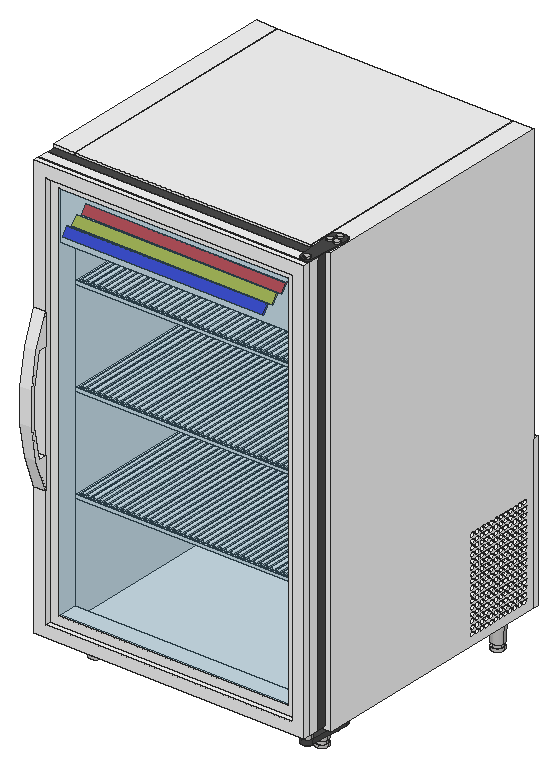
Revit family "QF_TRUE_GDM-07F-HC~TSL01", category Specialty Equipment, Revit 2016
Family settings
  Part Type = Normal
  Round Connector Dimension = Use Diameter
  Work Plane-Based = No
  Always vertical = Yes
  Cut with Voids When Loaded = No
  Shared = No
  Room Calculation Point = No
Parameters
  Weight in Pounds = 195
  Watts = Volts * FL Amps  # 333.5 W
  Volts = 115 V
  URL Cutsheet = ""
  Specification by User = ""
  Specification by Manufacturer = ""
  Show Clearance [instance] = yes
  Serial Number = ""
  Seismic Rating = ""
  SMACNA No = ""
  Revision Code = ""
  Phase = 1
  Number of Poles = 1
  NAFEM Spec ID Number = ""
  Model = "GDM-07F-HC~TSL01"
  Min Ckt Ampacity = 0 A
  Max Overcurrent Protection = 0 A
  Materials and Finishes [instance] = QF_Plastic - White - Smooth
  Masterspec = ""
  Manufacturer = "TRUE"
  Length = 24 1/32"
  Item Number = ""
  Installed By = ""
  Identify Quantity as Lot = yes
  Height = 39 25/32"
  HP = "1/4"
  Furnished By = ""
  Foodservice Equipment Identifier = yes
  FL Amps = 2.9 A
  Electrical Remarks = ""
  Electric Connection Type = ""
  Elec Conn RI Height = 0"
  Elec Conn Connection Height = 0"
  Description = "SWING DOOR FREEZER WITH HYDROCARBON REFRIGERANT-TRUE STANDARD LOOK VERSION 01"
  Depth = 26 19/32"
  Cycle = 60 Hz
  Conn Plug = "NEMA 5-15P"
  Conn Conduit = yes
  CSI MasterFormat = ""
  Apparent Power = 0 VA
Reference planes (in)
  plane 1 "BACK": y = 0
  plane 2: z = 0
  plane 3 "LEFT": x = 0
  plane 4 "RIGHT": x = 24.03125
  plane 5 "FRONT": y = -26.59375
  plane 6 "TOP": z = 39.78125
  plane 7 "Center Y": x = 12.01563
  plane 8 "Center X": y = -13.29687
  plane 9: z = 5.54687
  plane 10: z = 5.79687
  plane 11: y = -0.46875
  plane 12: y = -25
  plane 13: y = -47.28125
  plane 14: z = 2.5
  plane 15: z = 3
  plane 16: y = -22.4375
  plane 17: x = 1.1875
  plane 18: x = 2.18734
  plane 19: x = 22.84375
  plane 20: x = 21.84391
Forms (in)
  Extrusion 1, solid, material "QF_Plastic - White - Smooth" <- "Materials and Finishes"
    sketch origin (0.03125, -25, 56.91604) x (0, 0, 1) y (1, 0, 0)
      loop
        line (-17.13479, 0.25) -> (-17.13479, 23.71875) -> (-53.91604, 23.71875) -> (-53.91604, 0.25) -> (-17.13479, 0.25)
      loop
        line (-52.91604, 1.25) -> (-18.13479, 1.25) -> (-18.13479, 22.71875) -> (-52.91604, 22.71875) -> (-52.91604, 1.25)
    from 0 to 0.5
  Extrusion 2, solid, material "QF_Plastic - White - Smooth" <- "Materials and Finishes"
    sketch origin (0.03125, -25, 56.91604) x (0, 0, 1) y (1, 0, 0)
      loop
        line (-18.13479, 1.25) -> (-18.13479, 22.71875) -> (-52.91604, 22.71875) -> (-52.91604, 1.25) -> (-18.13479, 1.25)
      loop
        line (-18.88479, 2) -> (-18.88479, 21.96875) -> (-52.16604, 21.96875) -> (-52.16604, 2) -> (-18.88479, 2)
    from 2.25251 to 0.5
  Extrusion 3, solid, material "QF_Plastic - White - Smooth" <- "Materials and Finishes"
    sketch origin (0.03125, -25, 56.91604) x (0, 0, 1) y (1, 0, 0)
      loop
        line (-17.13479, 0.25) -> (-17.13479, 23.71875) -> (-53.91604, 23.71875) -> (-53.91604, 0.25) -> (-17.13479, 0.25)
      loop
        line (-52.91604, 1.25) -> (-18.13479, 1.25) -> (-18.13479, 22.71875) -> (-52.91604, 22.71875) -> (-52.91604, 1.25)
    from 1.50251 to 0.5
  Extrusion 4, solid, material "QF_Plastic-Black-Smooth"
    sketch origin (0.03125, -25, 56.91604) x (0, 0, 1) y (1, 0, 0)
      loop
        line (-17.13479, 0.25) -> (-17.13479, 23.71875) -> (-53.91604, 23.71875) -> (-53.91604, 0.25) -> (-17.13479, 0.25)
      loop
        line (-52.91604, 1.25) -> (-18.13479, 1.25) -> (-18.13479, 22.71875) -> (-52.91604, 22.71875) -> (-52.91604, 1.25)
    from 1.50251 to 2.25251
  Extrusion 5, solid, material "QF_Plastic-Black-Smooth"
    sketch origin (0.03125, -25, 56.91604) x (0, 0, 1) y (1, 0, 0)
      loop
        line (-18.13479, 1.25) -> (-18.13479, 22.71875) -> (-52.91604, 22.71875) -> (-52.91604, 1.25) -> (-18.13479, 1.25)
      loop
        line (-18.25979, 1.375) -> (-18.25979, 22.59375) -> (-52.79104, 22.59375) -> (-52.79104, 1.375) -> (-18.25979, 1.375)
    from 2.25251 to 2.5625
  Extrusion 6, solid, material "QF_Plastic - White - Smooth" <- "Materials and Finishes"
    sketch origin (20.40625, -71.30616, 39.78125) x (0, 1, 0) y (-1, 0, 0)
      loop
        line (70.83741, -1.84375) -> (70.83741, 18.625) -> (48.86866, 18.625) -> (48.86866, -1.84375) -> (70.83741, -1.84375)
    from 0 to -1
  Extrusion 7, solid, material "QF_Plastic - White - Smooth" <- "Materials and Finishes"
    sketch origin (0.03125, 1.375, 4.29687) x (0, 1, 0) y (0, 0, 1)
      loop
        line (-1.84375, 34.48438) -> (-3.5, 34.48438) -> (-3.5, -0.79687) -> (-23.8125, -0.79687) -> (-23.8125, -1.79687) -> (-1.84375, -1.79687) -> (-1.84375, 34.48438)
    from 1.75 to 22.21875
  Extrusion 8, solid, material "Glass"
    sketch origin (0.03125, -24.5, 56.91604) x (0, 0, -1) y (1, 0, 0)
      loop
        line (52.16604, 2) -> (52.16604, 21.96875) -> (18.88479, 21.96875) -> (18.88479, 2) -> (52.16604, 2)
    from 0 to -0.125
  Extrusion 9, solid, material "QF_Plastic - White - Smooth"
    sketch origin (1.03125, -22.375, -39.59375) x (-1, 0, 0) y (0, 0, 1)
      loop
        line (-1, 77.625) -> (-20.96875, 77.625) -> (-20.96875, 73.375) -> (-1, 73.375) -> (-1, 77.625)
    from -0.37249 to -2
  Extrusion 10, solid, material "QF_Plastic-Yellow"
    sketch origin (1.03125, -24.375, -38.34375) x (1, 0, 0) y (0, 0, 1)
      loop
        line (2.10165, 73.75) -> (19.5, 73.75) -> (19.88386, 74.75) -> (2.48552, 74.75) -> (2.10165, 73.75)
    from 0 to 0.03125
  Extrusion 11, solid, material "QF_Plastic-Red"
    sketch origin (1.03125, -24.375, -39.34375) x (1, 0, 0) y (0, 0, 1)
      loop
        line (3.30123, 76.875) -> (2.91736, 75.875) -> (20.29973, 75.875) -> (20.68359, 76.875) -> (3.30123, 76.875)
    from 0 to 0.03125
  Extrusion 12, solid, material "QF_Plastic-Blue"
    sketch origin (1.03125, -24.375, -37.34375) x (1, 0, 0) y (0, 0, 1)
      loop
        line (1.28594, 71.625) -> (18.67864, 71.625) -> (19.0625, 72.625) -> (1.66981, 72.625) -> (1.28594, 71.625)
    from 0 to 0.03125
  Extrusion 13, solid, material "QF_Door-Drawer Clearances", visible <- "Show Clearance", detail levels coarse
    sketch origin (0.03125, 1.375, 4.29687) x (1, 0, 0) y (0, 1, 0)
      loop
        arc (0.25, -26.375) -> (7.54543, -42.19115) -> (23.71875, -48.65625) r 23.52804
        line (23.71875, -48.65625) -> (23.71875, -26.375) -> (0.25, -26.375)
    from -1.29687 to 35.48438
  Extrusion 14, solid, material "QF_Plastic - White - Smooth" <- "Materials and Finishes"
    sketch origin (0.03125, 1.375, 4.29687) x (0, 1, 0) y (0, 0, 1)
      loop
        arc (-26.375, 24.08582) -> (-27.96875, 17.09363) -> (-26.375, 10.10144) r 16.13513
        line (-26.375, 10.10144) -> (-26.375, 12.85144) -> (-27.14183, 12.85144)
        arc (-27.14183, 12.85144) -> (-27.71875, 17.09363) -> (-27.14183, 21.33582) r 15.88513
        line (-27.14183, 21.33582) -> (-26.375, 21.33582) -> (-26.375, 24.08582)
    from 0.25 to 1.25
  Extrusion 15, solid, material "QF_Plastic - White - Smooth" <- "Materials and Finishes"
    sketch origin (24, 1.375, 4.29687) x (0, -1, 0) y (0, 0, -1)
      loop
        line (1.84375, -35.48438) -> (23.8125, -35.48438) -> (23.8125, 1.79687) -> (1.84375, 1.79687) -> (1.84375, -35.48438)
      loop
        circle (8.48125, -6.85428) r 0.25
      loop
        circle (7.96562, -6.85428) r 0.25
      loop
        circle (7.45, -6.85428) r 0.25
      loop
        circle (6.93437, -6.85428) r 0.25
      loop
        circle (6.41875, -6.85428) r 0.25
      loop
        circle (5.90312, -6.85428) r 0.25
      loop
        circle (5.3875, -6.85428) r 0.25
      loop
        circle (4.87187, -6.85428) r 0.25
      loop
        circle (4.35625, -6.85428) r 0.25
      loop
        circle (3.84062, -6.85428) r 0.25
      loop
        circle (3.325, -6.85428) r 0.25
      loop
        circle (2.80937, -6.85428) r 0.25
      loop
        circle (8.48125, -6.33865) r 0.25
      loop
        circle (7.96562, -6.33865) r 0.25
      loop
        circle (7.45, -6.33865) r 0.25
      loop
        circle (6.93437, -6.33865) r 0.25
      loop
        circle (6.41875, -6.33865) r 0.25
      loop
        circle (5.90312, -6.33865) r 0.25
      loop
        circle (5.3875, -6.33865) r 0.25
      loop
        circle (4.87187, -6.33865) r 0.25
      loop
        circle (4.35625, -6.33865) r 0.25
      loop
        circle (3.84062, -6.33865) r 0.25
      loop
        circle (3.325, -6.33865) r 0.25
      loop
        circle (2.80937, -6.33865) r 0.25
      loop
        circle (8.48125, -5.82303) r 0.25
      loop
        circle (7.96562, -5.82303) r 0.25
      loop
        circle (7.45, -5.82303) r 0.25
      loop
        circle (6.93437, -5.82303) r 0.25
      loop
        circle (6.41875, -5.82303) r 0.25
      loop
        circle (5.90312, -5.82303) r 0.25
      loop
        circle (5.3875, -5.82303) r 0.25
      loop
        circle (4.87187, -5.82303) r 0.25
      loop
        circle (4.35625, -5.82303) r 0.25
      loop
        circle (3.84062, -5.82303) r 0.25
      loop
        circle (3.325, -5.82303) r 0.25
      loop
        circle (2.80937, -5.82303) r 0.25
      loop
        circle (8.48125, -5.3074) r 0.25
      loop
        circle (7.96562, -5.3074) r 0.25
      loop
        circle (7.45, -5.3074) r 0.25
      loop
        circle (6.93437, -5.3074) r 0.25
      loop
        circle (6.41875, -5.3074) r 0.25
      loop
        circle (5.90312, -5.3074) r 0.25
      loop
        circle (5.3875, -5.3074) r 0.25
      loop
        circle (4.87187, -5.3074) r 0.25
      loop
        circle (4.35625, -5.3074) r 0.25
      loop
        circle (3.84062, -5.3074) r 0.25
      loop
        circle (3.325, -5.3074) r 0.25
      loop
        circle (2.80937, -5.3074) r 0.25
      loop
        circle (8.48125, -4.79178) r 0.25
      loop
        circle (7.96562, -4.79178) r 0.25
      loop
        circle (7.45, -4.79178) r 0.25
      loop
        circle (6.93437, -4.79178) r 0.25
      loop
        circle (6.41875, -4.79178) r 0.25
      loop
        circle (5.90312, -4.79178) r 0.25
      loop
        circle (5.3875, -4.79178) r 0.25
      loop
        circle (4.87187, -4.79178) r 0.25
      loop
        circle (4.35625, -4.79178) r 0.25
      loop
        circle (3.84062, -4.79178) r 0.25
      loop
        circle (3.325, -4.79178) r 0.25
      loop
        circle (2.80937, -4.79178) r 0.25
      loop
        circle (8.48125, -4.27615) r 0.25
      loop
        circle (7.96562, -4.27615) r 0.25
      loop
        circle (7.45, -4.27615) r 0.25
      loop
        circle (6.93437, -4.27615) r 0.25
      loop
        circle (6.41875, -4.27615) r 0.25
      loop
        circle (5.90312, -4.27615) r 0.25
      loop
        circle (5.3875, -4.27615) r 0.25
      loop
        circle (4.87187, -4.27615) r 0.25
      loop
        circle (4.35625, -4.27615) r 0.25
      loop
        circle (3.84062, -4.27615) r 0.25
      loop
        circle (3.325, -4.27615) r 0.25
      loop
        circle (2.80937, -4.27615) r 0.25
      loop
        circle (8.48125, -3.76053) r 0.25
      loop
        circle (7.96562, -3.76053) r 0.25
      loop
        circle (7.45, -3.76053) r 0.25
      loop
        circle (6.93437, -3.76053) r 0.25
      loop
        circle (6.41875, -3.76053) r 0.25
      loop
        circle (5.90312, -3.76053) r 0.25
      loop
        circle (5.3875, -3.76053) r 0.25
      loop
        circle (4.87187, -3.76053) r 0.25
      loop
        circle (4.35625, -3.76053) r 0.25
      loop
        circle (3.84062, -3.76053) r 0.25
      loop
        circle (3.325, -3.76053) r 0.25
      loop
        circle (2.80937, -3.76053) r 0.25
      loop
        circle (8.48125, -3.2449) r 0.25
      loop
        circle (7.96562, -3.2449) r 0.25
      loop
        circle (7.45, -3.2449) r 0.25
      loop
        circle (6.93437, -3.2449) r 0.25
      loop
        circle (6.41875, -3.2449) r 0.25
      loop
        circle (5.90312, -3.2449) r 0.25
      loop
        circle (5.3875, -3.2449) r 0.25
      loop
        circle (4.87187, -3.2449) r 0.25
      loop
        circle (4.35625, -3.2449) r 0.25
      loop
        circle (3.84062, -3.2449) r 0.25
      loop
        circle (3.325, -3.2449) r 0.25
      loop
        circle (2.80937, -3.2449) r 0.25
      loop
        circle (8.48125, -2.72928) r 0.25
      loop
        circle (7.96562, -2.72928) r 0.25
      loop
        circle (7.45, -2.72928) r 0.25
      loop
        circle (6.93437, -2.72928) r 0.25
      loop
        circle (6.41875, -2.72928) r 0.25
      loop
        circle (5.90312, -2.72928) r 0.25
      loop
        circle (5.3875, -2.72928) r 0.25
      loop
        circle (4.87187, -2.72928) r 0.25
      loop
        circle (4.35625, -2.72928) r 0.25
      loop
        circle (3.84062, -2.72928) r 0.25
      loop
        circle (3.325, -2.72928) r 0.25
      loop
        circle (2.80937, -2.72928) r 0.25
      loop
        circle (8.48125, -2.21365) r 0.25
      loop
        circle (7.96562, -2.21365) r 0.25
      loop
        circle (7.45, -2.21365) r 0.25
      loop
        circle (6.93437, -2.21365) r 0.25
      loop
        circle (6.41875, -2.21365) r 0.25
      loop
        circle (5.90312, -2.21365) r 0.25
      loop
        circle (5.3875, -2.21365) r 0.25
      loop
        circle (4.87187, -2.21365) r 0.25
      loop
        circle (4.35625, -2.21365) r 0.25
      loop
        circle (3.84062, -2.21365) r 0.25
      loop
        circle (3.325, -2.21365) r 0.25
      loop
        circle (2.80937, -2.21365) r 0.25
      loop
        circle (8.48125, -1.69803) r 0.25
      loop
        circle (7.96562, -1.69803) r 0.25
      loop
        circle (7.45, -1.69803) r 0.25
      loop
        circle (6.93437, -1.69803) r 0.25
      loop
        circle (6.41875, -1.69803) r 0.25
      loop
        circle (5.90312, -1.69803) r 0.25
      loop
        circle (5.3875, -1.69803) r 0.25
      loop
        circle (4.87187, -1.69803) r 0.25
      loop
        circle (4.35625, -1.69803) r 0.25
      loop
        circle (3.84062, -1.69803) r 0.25
      loop
        circle (3.325, -1.69803) r 0.25
      loop
        circle (2.80937, -1.69803) r 0.25
      loop
        circle (8.48125, -1.1824) r 0.25
      loop
        circle (7.96562, -1.1824) r 0.25
      loop
        circle (7.45, -1.1824) r 0.25
      loop
        circle (6.93437, -1.1824) r 0.25
      loop
        circle (6.41875, -1.1824) r 0.25
      loop
        circle (5.90312, -1.1824) r 0.25
      loop
        circle (5.3875, -1.1824) r 0.25
      loop
        circle (4.87187, -1.1824) r 0.25
      loop
        circle (4.35625, -1.1824) r 0.25
      loop
        circle (3.84062, -1.1824) r 0.25
      loop
        circle (3.325, -1.1824) r 0.25
      loop
        circle (2.80937, -1.1824) r 0.25
      loop
        circle (8.48125, -0.66678) r 0.25
      loop
        circle (7.96562, -0.66678) r 0.25
      loop
        circle (7.45, -0.66678) r 0.25
      loop
        circle (6.93437, -0.66678) r 0.25
      loop
        circle (6.41875, -0.66678) r 0.25
      loop
        circle (5.90312, -0.66678) r 0.25
      loop
        circle (5.3875, -0.66678) r 0.25
      loop
        circle (4.87187, -0.66678) r 0.25
      loop
        circle (4.35625, -0.66678) r 0.25
      loop
        circle (3.84062, -0.66678) r 0.25
      loop
        circle (3.325, -0.66678) r 0.25
      loop
        circle (2.80937, -0.66678) r 0.25
      loop
        circle (8.48125, -0.15115) r 0.25
      loop
        circle (7.96562, -0.15115) r 0.25
      loop
        circle (7.45, -0.15115) r 0.25
      loop
        circle (6.93437, -0.15115) r 0.25
      loop
        circle (6.41875, -0.15115) r 0.25
      loop
        circle (5.90312, -0.15115) r 0.25
      loop
        circle (5.3875, -0.15115) r 0.25
      loop
        circle (4.87187, -0.15115) r 0.25
      loop
        circle (4.35625, -0.15115) r 0.25
      loop
        circle (3.84062, -0.15115) r 0.25
      loop
        circle (3.325, -0.15115) r 0.25
      loop
        circle (2.80937, -0.15115) r 0.25
      loop
        circle (8.48125, 0.36447) r 0.25
      loop
        circle (7.96562, 0.36447) r 0.25
      loop
        circle (7.45, 0.36447) r 0.25
      loop
        circle (6.93437, 0.36447) r 0.25
      loop
        circle (6.41875, 0.36447) r 0.25
      loop
        circle (5.90312, 0.36447) r 0.25
      loop
        circle (5.3875, 0.36447) r 0.25
      loop
        circle (4.87187, 0.36447) r 0.25
      loop
        circle (4.35625, 0.36447) r 0.25
      loop
        circle (3.84062, 0.36447) r 0.25
      loop
        circle (3.325, 0.36447) r 0.25
      loop
        circle (2.80937, 0.36447) r 0.25
      loop
        circle (8.48125, 0.8801) r 0.25
      loop
        circle (7.96562, 0.8801) r 0.25
      loop
        circle (7.45, 0.8801) r 0.25
      loop
        circle (6.93437, 0.8801) r 0.25
      loop
        circle (6.41875, 0.8801) r 0.25
      loop
        circle (5.90312, 0.8801) r 0.25
      loop
        circle (5.3875, 0.8801) r 0.25
      loop
        circle (4.87187, 0.8801) r 0.25
      loop
        circle (4.35625, 0.8801) r 0.25
      loop
        circle (3.84062, 0.8801) r 0.25
      loop
        circle (3.325, 0.8801) r 0.25
      loop
        circle (2.80937, 0.8801) r 0.25
    from 0.03125 to -1.75
  Extrusion 16, solid, material "QF_Plastic-Black-Smooth"
    sketch origin (3.56688, 1.375, 4.29687) x (1, 0, 0) y (0, 1, 0)
      loop
        arc (19.40165, -21.39984) -> (19.03744, -21.55726) -> (18.90258, -21.93042) r 0.5
        line (18.90258, -21.93042) -> (19.11273, -25.35979)
        arc (19.11273, -25.35979) -> (19.6118, -25.82921) -> (20.11086, -25.35979) r 0.5
        line (20.11086, -25.35979) -> (20.32101, -21.93042)
        arc (20.32101, -21.93042) -> (20.18615, -21.55726) -> (19.82195, -21.39984) r 0.5
        line (19.82195, -21.39984) -> (19.40165, -21.39984)
    from 35.48438 to 35.56944
  Extrusion 17, solid, material "QF_Metal - Stainless - Polished"
    sketch origin (3.56688, 1.375, 4.29687) x (1, 0, 0) y (0, 1, 0)
      loop
        circle (19.6118, -21.78078) r 0.25
      loop
        circle (19.30218, -22.51019) r 0.25
      loop
        circle (19.92141, -22.51019) r 0.25
      loop
        circle (19.6118, -25.35979) r 0.25
    from 35.48438 to 35.64063
  Extrusion 18, solid, material "QF_Plastic - White - Smooth" <- "Materials and Finishes"
    sketch origin (0.03125, 1.375, 4.29687) x (0, -1, 0) y (0, 0, 1)
      loop
        line (1.84375, 35.48438) -> (1.84375, -1.79687) -> (23.8125, -1.79687) -> (23.8125, 35.48438) -> (1.84375, 35.48438)
      loop
        circle (8.48125, 6.85428) r 0.25
      loop
        circle (7.96562, 6.85428) r 0.25
      loop
        circle (7.45, 6.85428) r 0.25
      loop
        circle (6.93437, 6.85428) r 0.25
      loop
        circle (6.41875, 6.85428) r 0.25
      loop
        circle (5.90312, 6.85428) r 0.25
      loop
        circle (5.3875, 6.85428) r 0.25
      loop
        circle (4.87187, 6.85428) r 0.25
      loop
        circle (4.35625, 6.85428) r 0.25
      loop
        circle (3.84062, 6.85428) r 0.25
      loop
        circle (3.325, 6.85428) r 0.25
      loop
        circle (2.80937, 6.85428) r 0.25
      loop
        circle (8.48125, 6.33865) r 0.25
      loop
        circle (7.96562, 6.33865) r 0.25
      loop
        circle (7.45, 6.33865) r 0.25
      loop
        circle (6.93437, 6.33865) r 0.25
      loop
        circle (6.41875, 6.33865) r 0.25
      loop
        circle (5.90312, 6.33865) r 0.25
      loop
        circle (5.3875, 6.33865) r 0.25
      loop
        circle (4.87187, 6.33865) r 0.25
      loop
        circle (4.35625, 6.33865) r 0.25
      loop
        circle (3.84062, 6.33865) r 0.25
      loop
        circle (3.325, 6.33865) r 0.25
      loop
        circle (2.80937, 6.33865) r 0.25
      loop
        circle (8.48125, 5.82303) r 0.25
      loop
        circle (7.96562, 5.82303) r 0.25
      loop
        circle (7.45, 5.82303) r 0.25
      loop
        circle (6.93437, 5.82303) r 0.25
      loop
        circle (6.41875, 5.82303) r 0.25
      loop
        circle (5.90312, 5.82303) r 0.25
      loop
        circle (5.3875, 5.82303) r 0.25
      loop
        circle (4.87187, 5.82303) r 0.25
      loop
        circle (4.35625, 5.82303) r 0.25
      loop
        circle (3.84062, 5.82303) r 0.25
      loop
        circle (3.325, 5.82303) r 0.25
      loop
        circle (2.80937, 5.82303) r 0.25
      loop
        circle (8.48125, 5.3074) r 0.25
      loop
        circle (7.96562, 5.3074) r 0.25
      loop
        circle (7.45, 5.3074) r 0.25
      loop
        circle (6.93437, 5.3074) r 0.25
      loop
        circle (6.41875, 5.3074) r 0.25
      loop
        circle (5.90312, 5.3074) r 0.25
      loop
        circle (5.3875, 5.3074) r 0.25
      loop
        circle (4.87187, 5.3074) r 0.25
      loop
        circle (4.35625, 5.3074) r 0.25
      loop
        circle (3.84062, 5.3074) r 0.25
      loop
        circle (3.325, 5.3074) r 0.25
      loop
        circle (2.80937, 5.3074) r 0.25
      loop
        circle (8.48125, 4.79178) r 0.25
      loop
        circle (7.96562, 4.79178) r 0.25
      loop
        circle (7.45, 4.79178) r 0.25
      loop
        circle (6.93437, 4.79178) r 0.25
      loop
        circle (6.41875, 4.79178) r 0.25
      loop
        circle (5.90312, 4.79178) r 0.25
      loop
        circle (5.3875, 4.79178) r 0.25
      loop
        circle (4.87187, 4.79178) r 0.25
      loop
        circle (4.35625, 4.79178) r 0.25
      loop
        circle (3.84062, 4.79178) r 0.25
      loop
        circle (3.325, 4.79178) r 0.25
      loop
        circle (2.80937, 4.79178) r 0.25
      loop
        circle (8.48125, 4.27615) r 0.25
      loop
        circle (7.96562, 4.27615) r 0.25
      loop
        circle (7.45, 4.27615) r 0.25
      loop
        circle (6.93437, 4.27615) r 0.25
      loop
        circle (6.41875, 4.27615) r 0.25
      loop
        circle (5.90312, 4.27615) r 0.25
      loop
        circle (5.3875, 4.27615) r 0.25
      loop
        circle (4.87187, 4.27615) r 0.25
      loop
        circle (4.35625, 4.27615) r 0.25
      loop
        circle (3.84062, 4.27615) r 0.25
      loop
        circle (3.325, 4.27615) r 0.25
      loop
        circle (2.80937, 4.27615) r 0.25
      loop
        circle (8.48125, 3.76053) r 0.25
      loop
        circle (7.96562, 3.76053) r 0.25
      loop
        circle (7.45, 3.76053) r 0.25
      loop
        circle (6.93437, 3.76053) r 0.25
      loop
        circle (6.41875, 3.76053) r 0.25
      loop
        circle (5.90312, 3.76053) r 0.25
      loop
        circle (5.3875, 3.76053) r 0.25
      loop
        circle (4.87187, 3.76053) r 0.25
      loop
        circle (4.35625, 3.76053) r 0.25
      loop
        circle (3.84062, 3.76053) r 0.25
      loop
        circle (3.325, 3.76053) r 0.25
      loop
        circle (2.80937, 3.76053) r 0.25
      loop
        circle (8.48125, 3.2449) r 0.25
      loop
        circle (7.96562, 3.2449) r 0.25
      loop
        circle (7.45, 3.2449) r 0.25
      loop
        circle (6.93437, 3.2449) r 0.25
      loop
        circle (6.41875, 3.2449) r 0.25
      loop
        circle (5.90312, 3.2449) r 0.25
      loop
        circle (5.3875, 3.2449) r 0.25
      loop
        circle (4.87187, 3.2449) r 0.25
      loop
        circle (4.35625, 3.2449) r 0.25
      loop
        circle (3.84062, 3.2449) r 0.25
      loop
        circle (3.325, 3.2449) r 0.25
      loop
        circle (2.80937, 3.2449) r 0.25
      loop
        circle (8.48125, 2.72928) r 0.25
      loop
        circle (7.96562, 2.72928) r 0.25
      loop
        circle (7.45, 2.72928) r 0.25
      loop
        circle (6.93437, 2.72928) r 0.25
      loop
        circle (6.41875, 2.72928) r 0.25
      loop
        circle (5.90312, 2.72928) r 0.25
      loop
        circle (5.3875, 2.72928) r 0.25
      loop
        circle (4.87187, 2.72928) r 0.25
      loop
        circle (4.35625, 2.72928) r 0.25
      loop
        circle (3.84062, 2.72928) r 0.25
      loop
        circle (3.325, 2.72928) r 0.25
      loop
        circle (2.80937, 2.72928) r 0.25
      loop
        circle (8.48125, 2.21365) r 0.25
      loop
        circle (7.96562, 2.21365) r 0.25
      loop
        circle (7.45, 2.21365) r 0.25
      loop
        circle (6.93437, 2.21365) r 0.25
      loop
        circle (6.41875, 2.21365) r 0.25
      loop
        circle (5.90312, 2.21365) r 0.25
      loop
        circle (5.3875, 2.21365) r 0.25
      loop
        circle (4.87187, 2.21365) r 0.25
      loop
        circle (4.35625, 2.21365) r 0.25
      loop
        circle (3.84062, 2.21365) r 0.25
      loop
        circle (3.325, 2.21365) r 0.25
      loop
        circle (2.80937, 2.21365) r 0.25
      loop
        circle (8.48125, 1.69803) r 0.25
      loop
        circle (7.96562, 1.69803) r 0.25
      loop
        circle (7.45, 1.69803) r 0.25
      loop
        circle (6.93437, 1.69803) r 0.25
      loop
        circle (6.41875, 1.69803) r 0.25
      loop
        circle (5.90312, 1.69803) r 0.25
      loop
        circle (5.3875, 1.69803) r 0.25
      loop
        circle (4.87187, 1.69803) r 0.25
      loop
        circle (4.35625, 1.69803) r 0.25
      loop
        circle (3.84062, 1.69803) r 0.25
      loop
        circle (3.325, 1.69803) r 0.25
      loop
        circle (2.80937, 1.69803) r 0.25
      loop
        circle (8.48125, 1.1824) r 0.25
      loop
        circle (7.96562, 1.1824) r 0.25
      loop
        circle (7.45, 1.1824) r 0.25
      loop
        circle (6.93437, 1.1824) r 0.25
      loop
        circle (6.41875, 1.1824) r 0.25
      loop
        circle (5.90312, 1.1824) r 0.25
      loop
        circle (5.3875, 1.1824) r 0.25
      loop
        circle (4.87187, 1.1824) r 0.25
      loop
        circle (4.35625, 1.1824) r 0.25
      loop
        circle (3.84062, 1.1824) r 0.25
      loop
        circle (3.325, 1.1824) r 0.25
      loop
        circle (2.80937, 1.1824) r 0.25
      loop
        circle (8.48125, 0.66678) r 0.25
      loop
        circle (7.96562, 0.66678) r 0.25
      loop
        circle (7.45, 0.66678) r 0.25
      loop
        circle (6.93437, 0.66678) r 0.25
      loop
        circle (6.41875, 0.66678) r 0.25
      loop
        circle (5.90312, 0.66678) r 0.25
      loop
        circle (5.3875, 0.66678) r 0.25
      loop
        circle (4.87187, 0.66678) r 0.25
      loop
        circle (4.35625, 0.66678) r 0.25
      loop
        circle (3.84062, 0.66678) r 0.25
      loop
        circle (3.325, 0.66678) r 0.25
      loop
        circle (2.80937, 0.66678) r 0.25
      loop
        circle (8.48125, 0.15115) r 0.25
      loop
        circle (7.96562, 0.15115) r 0.25
      loop
        circle (7.45, 0.15115) r 0.25
      loop
        circle (6.93437, 0.15115) r 0.25
      loop
        circle (6.41875, 0.15115) r 0.25
      loop
        circle (5.90312, 0.15115) r 0.25
      loop
        circle (5.3875, 0.15115) r 0.25
      loop
        circle (4.87187, 0.15115) r 0.25
      loop
        circle (4.35625, 0.15115) r 0.25
      loop
        circle (3.84062, 0.15115) r 0.25
      loop
        circle (3.325, 0.15115) r 0.25
      loop
        circle (2.80937, 0.15115) r 0.25
      loop
        circle (8.48125, -0.36447) r 0.25
      loop
        circle (7.96562, -0.36447) r 0.25
      loop
        circle (7.45, -0.36447) r 0.25
      loop
        circle (6.93437, -0.36447) r 0.25
      loop
        circle (6.41875, -0.36447) r 0.25
      loop
        circle (5.90312, -0.36447) r 0.25
      loop
        circle (5.3875, -0.36447) r 0.25
      loop
        circle (4.87187, -0.36447) r 0.25
      loop
        circle (4.35625, -0.36447) r 0.25
      loop
        circle (3.84062, -0.36447) r 0.25
      loop
        circle (3.325, -0.36447) r 0.25
      loop
        circle (2.80937, -0.36447) r 0.25
      loop
        circle (8.48125, -0.8801) r 0.25
      loop
        circle (7.96562, -0.8801) r 0.25
      loop
        circle (7.45, -0.8801) r 0.25
      loop
        circle (6.93437, -0.8801) r 0.25
      loop
        circle (6.41875, -0.8801) r 0.25
      loop
        circle (5.90312, -0.8801) r 0.25
      loop
        circle (5.3875, -0.8801) r 0.25
      loop
        circle (4.87187, -0.8801) r 0.25
      loop
        circle (4.35625, -0.8801) r 0.25
      loop
        circle (3.84062, -0.8801) r 0.25
      loop
        circle (3.325, -0.8801) r 0.25
      loop
        circle (2.80937, -0.8801) r 0.25
    from 0.03125 to -1.75
  Extrusion 19, solid, material "QF_Plastic - Black - Smooth"
    sketch origin (3.56688, 1.375, 38.23438) x (0, -1, 0) y (1, 0, 0)
      loop
        arc (21.39984, 19.40165) -> (21.55726, 19.03744) -> (21.93042, 18.90258) r 0.5
        line (21.93042, 18.90258) -> (25.35979, 19.11273)
        arc (25.35979, 19.11273) -> (25.82921, 19.6118) -> (25.35979, 20.11086) r 0.5
        line (25.35979, 20.11086) -> (21.93042, 20.32101)
        arc (21.93042, 20.32101) -> (21.55726, 20.18615) -> (21.39984, 19.82195) r 0.5
        line (21.39984, 19.82195) -> (21.39984, 19.40165)
    from -36.10938 to -35.73438
  Extrusion 20, solid, material "QF_Metal - Stainless - Polished"
    sketch origin (3.56688, 1.375, 1.5) x (1, 0, 0) y (0, 1, 0)
      loop
        circle (19.6118, -21.78078) r 0.25
      loop
        circle (19.30218, -22.51019) r 0.25
      loop
        circle (19.92141, -22.51019) r 0.25
    from 0.5 to 1
  Extrusion 21, solid, material "QF_Metal - Stainless - Polished"
    sketch origin (3.625, 1.375, 1.5) x (1, 0, 0) y (0, 1, 0)
      loop
        circle (19.6118, -25.35979) r 0.33744
    from 0.5 to 1.5
  Revolve 22, solid, material "QF_Metal - Stainless - Polished"
    sketch origin (-1.0625, -2.84375, 1.71875) x (1, 0, 0) y (0, 0, 1)
      loop
        line (1.71875, -1.71875) -> (2.25, -1.71875) -> (2.25, 0.78125) -> (1.61726, 0.78125) -> (1.71875, -1.15529) -> (1.87178, -1.15529) -> (1.87178, -1.50805) -> (1.71875, -1.50805) -> (1.71875, -1.71875)
      axis (2.25, 0.78125) -> (2.25, -1.71875)
    angle from 0 to 360
  Extrusion 23, solid, material "QF_Plastic - White - Smooth" <- "Materials and Finishes"
    sketch origin (0.03125, 1.375, 1.5) x (0, 1, 0) y (0, 0, 1)
      loop
        line (-1.99424, 1) -> (-8.49424, 1) -> (-8.49424, 0.38992) -> (-1.99424, 0.38992) -> (-1.99424, 1)
    from 4.06234 to 19.90641
  Extrusion 24, solid, material "QF_Plastic - White - Smooth"
    sketch origin (-6.9261, -178.625, 29.58575) x (-1, 0, 0) y (0, -1, 0)
      loop
        line (-8.70735, -176.5) -> (-8.70735, -156.1875) -> (-29.1761, -156.1875) -> (-29.1761, -176.5) -> (-8.70735, -176.5)
      loop
        line (-8.95735, -176.25) -> (-8.95735, -156.375) -> (-28.9261, -156.375) -> (-28.9261, -176.25) -> (-8.95735, -176.25)
    from 0 to 0.25
  Extrusion 25, solid, material "QF_Plastic - White - Smooth"
    sketch origin (0.03125, 1.375, 3.10137) x (1, 0, 0) y (0, 0, 1)
      loop
        circle (10.23437, 26.73438) r 0.125
      loop
        circle (9.73437, 26.73438) r 0.125
      loop
        circle (9.23437, 26.73438) r 0.125
      loop
        circle (8.73437, 26.73438) r 0.125
      loop
        circle (8.23437, 26.73438) r 0.125
      loop
        circle (7.73437, 26.73438) r 0.125
      loop
        circle (7.23437, 26.73438) r 0.125
      loop
        circle (6.73437, 26.73438) r 0.125
      loop
        circle (6.23437, 26.73438) r 0.125
      loop
        circle (5.73437, 26.73438) r 0.125
      loop
        circle (5.23437, 26.73438) r 0.125
      loop
        circle (4.73437, 26.73438) r 0.125
      loop
        circle (4.23437, 26.73438) r 0.125
      loop
        circle (3.73437, 26.73438) r 0.125
      loop
        circle (3.23437, 26.73438) r 0.125
      loop
        circle (2.73437, 26.73438) r 0.125
      loop
        circle (2.23437, 26.73438) r 0.125
      loop
        circle (10.73437, 26.73438) r 0.125
      loop
        circle (11.23437, 26.73438) r 0.125
      loop
        circle (11.73437, 26.73438) r 0.125
      loop
        circle (13.73438, 26.73438) r 0.125
      loop
        circle (14.23438, 26.73438) r 0.125
      loop
        circle (14.73438, 26.73438) r 0.125
      loop
        circle (15.23438, 26.73438) r 0.125
      loop
        circle (15.73438, 26.73438) r 0.125
      loop
        circle (16.23438, 26.73438) r 0.125
      loop
        circle (16.73438, 26.73438) r 0.125
      loop
        circle (17.23438, 26.73438) r 0.125
      loop
        circle (17.73438, 26.73438) r 0.125
      loop
        circle (18.23438, 26.73438) r 0.125
      loop
        circle (18.73438, 26.73438) r 0.125
      loop
        circle (19.23438, 26.73438) r 0.125
      loop
        circle (19.73438, 26.73438) r 0.125
      loop
        circle (20.23438, 26.73438) r 0.125
      loop
        circle (20.73438, 26.73438) r 0.125
      loop
        circle (21.23438, 26.73438) r 0.125
      loop
        circle (21.73438, 26.73438) r 0.125
      loop
        circle (13.23438, 26.73438) r 0.125
      loop
        circle (12.73438, 26.73438) r 0.125
      loop
        circle (12.23438, 26.73438) r 0.125
    from 3.5 to 23.625
  Extrusion 26, solid, material "QF_Plastic - White - Smooth"
    sketch origin (-6.9261, -178.625, 21.2655) x (-1, 0, 0) y (0, -1, 0)
      loop
        line (-8.70735, -176.5) -> (-8.70735, -156.1875) -> (-29.1761, -156.1875) -> (-29.1761, -176.5) -> (-8.70735, -176.5)
      loop
        line (-8.95735, -176.25) -> (-8.95735, -156.375) -> (-28.9261, -156.375) -> (-28.9261, -176.25) -> (-8.95735, -176.25)
    from 0 to 0.25
  Extrusion 27, solid, material "QF_Plastic - White - Smooth"
    sketch origin (0.03125, 1.375, -5.21888) x (1, 0, 0) y (0, 0, 1)
      loop
        circle (10.23437, 26.73438) r 0.125
      loop
        circle (9.73437, 26.73438) r 0.125
      loop
        circle (9.23437, 26.73438) r 0.125
      loop
        circle (8.73437, 26.73438) r 0.125
      loop
        circle (8.23437, 26.73438) r 0.125
      loop
        circle (7.73437, 26.73438) r 0.125
      loop
        circle (7.23437, 26.73438) r 0.125
      loop
        circle (6.73437, 26.73438) r 0.125
      loop
        circle (6.23437, 26.73438) r 0.125
      loop
        circle (5.73437, 26.73438) r 0.125
      loop
        circle (5.23437, 26.73438) r 0.125
      loop
        circle (4.73437, 26.73438) r 0.125
      loop
        circle (4.23437, 26.73438) r 0.125
      loop
        circle (3.73437, 26.73438) r 0.125
      loop
        circle (3.23437, 26.73438) r 0.125
      loop
        circle (2.73437, 26.73438) r 0.125
      loop
        circle (2.23437, 26.73438) r 0.125
      loop
        circle (10.73437, 26.73438) r 0.125
      loop
        circle (11.23437, 26.73438) r 0.125
      loop
        circle (11.73437, 26.73438) r 0.125
      loop
        circle (13.73438, 26.73438) r 0.125
      loop
        circle (14.23438, 26.73438) r 0.125
      loop
        circle (14.73438, 26.73438) r 0.125
      loop
        circle (15.23438, 26.73438) r 0.125
      loop
        circle (15.73438, 26.73438) r 0.125
      loop
        circle (16.23438, 26.73438) r 0.125
      loop
        circle (16.73438, 26.73438) r 0.125
      loop
        circle (17.23438, 26.73438) r 0.125
      loop
        circle (17.73438, 26.73438) r 0.125
      loop
        circle (18.23438, 26.73438) r 0.125
      loop
        circle (18.73438, 26.73438) r 0.125
      loop
        circle (19.23438, 26.73438) r 0.125
      loop
        circle (19.73438, 26.73438) r 0.125
      loop
        circle (20.23438, 26.73438) r 0.125
      loop
        circle (20.73438, 26.73438) r 0.125
      loop
        circle (21.23438, 26.73438) r 0.125
      loop
        circle (21.73438, 26.73438) r 0.125
      loop
        circle (13.23438, 26.73438) r 0.125
      loop
        circle (12.73438, 26.73438) r 0.125
      loop
        circle (12.23438, 26.73438) r 0.125
    from 3.5 to 23.625
  Extrusion 28, solid, material "QF_Plastic - White - Smooth"
    sketch origin (-6.9261, -178.625, 12.94525) x (-1, 0, 0) y (0, -1, 0)
      loop
        line (-8.70735, -176.5) -> (-8.70735, -156.1875) -> (-29.1761, -156.1875) -> (-29.1761, -176.5) -> (-8.70735, -176.5)
      loop
        line (-8.95735, -176.25) -> (-8.95735, -156.375) -> (-28.9261, -156.375) -> (-28.9261, -176.25) -> (-8.95735, -176.25)
    from 0 to 0.25
  Extrusion 29, solid, material "QF_Plastic - White - Smooth"
    sketch origin (0.03125, 1.375, -13.53913) x (1, 0, 0) y (0, 0, 1)
      loop
        circle (10.23437, 26.73438) r 0.125
      loop
        circle (9.73437, 26.73438) r 0.125
      loop
        circle (9.23437, 26.73438) r 0.125
      loop
        circle (8.73437, 26.73438) r 0.125
      loop
        circle (8.23437, 26.73438) r 0.125
      loop
        circle (7.73437, 26.73438) r 0.125
      loop
        circle (7.23437, 26.73438) r 0.125
      loop
        circle (6.73437, 26.73438) r 0.125
      loop
        circle (6.23437, 26.73438) r 0.125
      loop
        circle (5.73437, 26.73438) r 0.125
      loop
        circle (5.23437, 26.73438) r 0.125
      loop
        circle (4.73437, 26.73438) r 0.125
      loop
        circle (4.23437, 26.73438) r 0.125
      loop
        circle (3.73437, 26.73438) r 0.125
      loop
        circle (3.23437, 26.73438) r 0.125
      loop
        circle (2.73437, 26.73438) r 0.125
      loop
        circle (2.23437, 26.73438) r 0.125
      loop
        circle (10.73437, 26.73438) r 0.125
      loop
        circle (11.23437, 26.73438) r 0.125
      loop
        circle (11.73437, 26.73438) r 0.125
      loop
        circle (13.73438, 26.73438) r 0.125
      loop
        circle (14.23438, 26.73438) r 0.125
      loop
        circle (14.73438, 26.73438) r 0.125
      loop
        circle (15.23438, 26.73438) r 0.125
      loop
        circle (15.73438, 26.73438) r 0.125
      loop
        circle (16.23438, 26.73438) r 0.125
      loop
        circle (16.73438, 26.73438) r 0.125
      loop
        circle (17.23438, 26.73438) r 0.125
      loop
        circle (17.73438, 26.73438) r 0.125
      loop
        circle (18.23438, 26.73438) r 0.125
      loop
        circle (18.73438, 26.73438) r 0.125
      loop
        circle (19.23438, 26.73438) r 0.125
      loop
        circle (19.73438, 26.73438) r 0.125
      loop
        circle (20.23438, 26.73438) r 0.125
      loop
        circle (20.73438, 26.73438) r 0.125
      loop
        circle (21.23438, 26.73438) r 0.125
      loop
        circle (21.73438, 26.73438) r 0.125
      loop
        circle (13.23438, 26.73438) r 0.125
      loop
        circle (12.73438, 26.73438) r 0.125
      loop
        circle (12.23438, 26.73438) r 0.125
    from 3.5 to 23.625
  Extrusion 30, solid, material "QF_Plastic - White - Smooth" <- "Materials and Finishes"
    sketch origin (0, 0, 0) x (0, 1, 0) y (0, 0, 1)
      loop
        line (-0.46875, 2.5) -> (0, 2.5) -> (0, 15.69022) -> (-0.46875, 15.69022) -> (-0.46875, 2.5)
    from 0 to 24.03125
  Revolve 31, solid, material "QF_Metal - Stainless - Polished"
    sketch origin (-0.06266, -20.6875, 1.71875) x (1, 0, 0) y (0, 0, 1)
      loop
        line (1.71875, -1.71875) -> (2.25, -1.71875) -> (2.25, 0.78125) -> (1.61726, 0.78125) -> (1.71875, -1.15529) -> (1.87178, -1.15529) -> (1.87178, -1.50805) -> (1.71875, -1.50805) -> (1.71875, -1.71875)
      axis (2.25, 0.78125) -> (2.25, -1.71875)
    angle from 0 to 360
  Revolve 32, solid, material "QF_Metal - Stainless - Polished"
    sketch origin (25.09375, -2.84375, 1.71875) x (-1, 0, 0) y (0, 0, -1)
      loop
        line (1.71875, 1.71875) -> (1.71875, 1.50805) -> (1.87178, 1.50805) -> (1.87178, 1.15529) -> (1.71875, 1.15529) -> (1.61726, -0.78125) -> (2.25, -0.78125) -> (2.25, 1.71875) -> (1.71875, 1.71875)
      axis (2.25, -0.78125) -> (2.25, 1.71875)
    angle from 0 to 360
  Revolve 33, solid, material "QF_Metal - Stainless - Polished"
    sketch origin (24.09391, -20.6875, 1.71875) x (-1, 0, 0) y (0, 0, -1)
      loop
        line (1.71875, 1.71875) -> (1.71875, 1.50805) -> (1.87178, 1.50805) -> (1.87178, 1.15529) -> (1.71875, 1.15529) -> (1.61726, -0.78125) -> (2.25, -0.78125) -> (2.25, 1.71875) -> (1.71875, 1.71875)
      axis (2.25, -0.78125) -> (2.25, 1.71875)
    angle from 0 to 360
  Extrusion 34, solid, material "QF_Plastic - White - Smooth" <- "Materials and Finishes"
    sketch origin (0, 0, 0) x (1, 0, 0) y (0, 0, 1)
      loop
        circle (12.01562, 9.09511) r 0.25
    from 0 to -0.125
Lines and regions (in)
  symbolic lines
    curve 1: line (0, -22.4375, 0) -> (22.5848, -22.4375, 0)
    curve 2: line (0, 0, 0) -> (0, -22.4375, 0)
    curve 3: line (24.03125, 0, 0) -> (0, 0, 0)
    curve 4: line (24.03125, -22.4375, 0) -> (24.03125, 0, 0)
    curve 5: line (24.03125, -0.46875, 0) -> (0, -0.46875, 0)
    curve 6: line (1.78125, -22.4375, 0) -> (1.78125, -0.46875, 0)
    curve 7: line (22.25, -0.46875, 0) -> (22.25, -22.4375, 0)
    curve 8: line (22.46947, -20.55542, 0) -> (22.67962, -23.98479, 0)
    curve 9: arc (22.67962, -23.98479, 0) -> (23.17868, -24.45421, 0) -> (23.67775, -23.98479, 0) r 0.5
    curve 10: line (23.67775, -23.98479, 0) -> (23.8879, -20.55542, 0)
    curve 11: arc (23.8879, -20.55542, 0) -> (23.75304, -20.18226, 0) -> (23.38883, -20.02484, 0) r 0.5
    curve 12: line (23.38883, -20.02484, 0) -> (22.96853, -20.02484, 0)
    curve 13: arc (22.96853, -20.02484, 0) -> (22.60432, -20.18226, 0) -> (22.46947, -20.55542, 0) r 0.5
    curve 14: arc (23.42868, -23.98479, 0) -> (23.17868, -23.73479, 0) -> (22.92868, -23.98479, 0) r 0.25
    curve 15: arc (22.92868, -23.98479, 0) -> (23.17868, -24.23479, 0) -> (23.42868, -23.98479, 0) r 0.25
    curve 16: arc (22.61907, -21.13519, 0) -> (22.86907, -21.38519, 0) -> (23.11907, -21.13519, 0) r 0.25
    curve 17: arc (23.11907, -21.13519, 0) -> (22.86907, -20.88519, 0) -> (22.61907, -21.13519, 0) r 0.25
    curve 18: arc (23.2383, -21.13519, 0) -> (23.4883, -21.38519, 0) -> (23.7383, -21.13519, 0) r 0.25
    curve 19: arc (23.7383, -21.13519, 0) -> (23.4883, -20.88519, 0) -> (23.2383, -21.13519, 0) r 0.25
    curve 20: arc (22.92868, -20.40578, 0) -> (23.17868, -20.65578, 0) -> (23.42868, -20.40578, 0) r 0.25
    curve 21: arc (23.42868, -20.40578, 0) -> (23.17868, -20.15578, 0) -> (22.92868, -20.40578, 0) r 0.25
    curve 22: line (23.77256, -22.4375, 0) -> (24.03125, -22.4375, 0)
    curve 23: line (0.28125, -22.74749, 0) -> (22.6038, -22.74749, 0)
    curve 24: line (0.28125, -22.74749, 0) -> (0.28125, -26.59375, 0)
    curve 25: line (0.28125, -25, 0) -> (23.75, -25, 0)
    curve 26: line (23.75, -25, 0) -> (23.75, -22.80571, 0)
    curve 27: line (0.28125, -24.5, 0) -> (23.75, -24.5, 0)
    curve 28: line (0.28125, -23.49749, 0) -> (22.64976, -23.49749, 0)
    curve 29: line (1.28125, -22.74749, 0) -> (1.28125, -22.4375, 0)
    curve 32: line (1.28125, -26.59375, 0) -> (1.28125, -25, 0)
    curve 33: line (1.28125, -26.59375, 0) -> (0.28125, -26.59375, 0)
  symbolic lines, style "QF_Door-Drawer Clearances"
    curve 30: line (23.75, -25, 0) -> (3.95461, -36.42887, 0)
    curve 31: arc (0.28125, -25, 0) -> (1.37675, -30.95266, 0) -> (3.95461, -36.42887, 0) r 23.52804
Dimensions and locks (in)
  equal spacing: plane 3 "LEFT", plane 7 "Center Y", plane 4 "RIGHT"
  "Length": plane 3 "LEFT" to plane 4 "RIGHT"
  equal spacing: plane 5 "FRONT", plane 8 "Center X", plane 1 "BACK"
  "Depth": plane 5 "FRONT" to plane 1 "BACK"
  "Height": plane 6 "TOP" to level
  plane 4 "RIGHT" to plane 3 "LEFT" = 24 1/32"
  plane 11 to plane 1 "BACK" = 15/32"
  plane 12 to plane 11 = 24 17/32"
  plane 5 "FRONT" to plane 12 = 1 19/32"
  level to plane 14 = 2 1/2"
  plane 11 to plane 13 = 46 13/16"
  plane 16 to plane 13 = 24 27/32"
  Extrusion 17 to plane 6 "TOP" to level = 5/32", 39 25/32"
  plane 5 "FRONT" to plane 1 "BACK" = 26 19/32"
  equal spacing: Extrusion 30, Extrusion 34 sketch curve, Extrusion 7
  aligned and locked: level to plane 2
Automatic sketch dimensions
  Extrusion 1 sketch curve to plane 15 = 0"
  Extrusion 1 sketch curve to plane 6 "TOP" = 0"
  Extrusion 1 sketch curve to plane 15 = 1"
  Extrusion 1 sketch curve to plane 6 "TOP" = 1"
  plane 3 "LEFT" to Extrusion 1 sketch curve = 9/32"
  plane 3 "LEFT" to Extrusion 1 sketch curve = 1 9/32"
  plane 4 "RIGHT" to Extrusion 1 sketch curve = 1 9/32"
  plane 4 "RIGHT" to Extrusion 1 sketch curve = 9/32"
  plane 4 "RIGHT" to Extrusion 2 sketch curve = 1 9/32"
  level to Extrusion 2 sketch curve = 4"
  Extrusion 2 sketch curve to Extrusion 2 sketch curve = 3/4"  (x3)
  Extrusion 2 sketch curve to plane 6 "TOP" = 1 3/4"
  Extrusion 2 sketch curve to plane 6 "TOP" = 1"
  plane 3 "LEFT" to Extrusion 2 sketch curve = 2 1/32"
  Extrusion 3 sketch curve to plane 6 "TOP" = 0"
  Extrusion 3 sketch curve to plane 6 "TOP" = 1"
  Extrusion 3 sketch curve to plane 9 = 1 35/64"
  plane 4 "RIGHT" to Extrusion 3 sketch curve = 9/32"
  Extrusion 3 sketch curve to Extrusion 3 sketch curve = 1"
  plane 4 "RIGHT" to Extrusion 3 sketch curve = 1 9/32"
  plane 3 "LEFT" to Extrusion 3 sketch curve = 1 9/32"
  plane 3 "LEFT" to Extrusion 3 sketch curve = 9/32"
  Extrusion 4 sketch curve to plane 6 "TOP" = 0"
  Extrusion 4 sketch curve to plane 6 "TOP" = 1"
  plane 3 "LEFT" to Extrusion 4 sketch curve = 1 9/32"
  level to Extrusion 4 sketch curve = 4"
  plane 4 "RIGHT" to Extrusion 4 sketch curve = 9/32"
  Extrusion 4 sketch curve to Extrusion 4 sketch curve = 1"
  plane 3 "LEFT" to Extrusion 4 sketch curve = 9/32"
  plane 4 "RIGHT" to Extrusion 4 sketch curve = 1 9/32"
  plane 3 "LEFT" to Extrusion 5 sketch curve = 1 9/32"
  level to Extrusion 5 sketch curve = 4"
  Extrusion 5 sketch curve to Extrusion 5 sketch curve = 1/8"  (x4)
  Extrusion 5 sketch curve to plane 6 "TOP" = 1 1/8"
  plane 4 "RIGHT" to Extrusion 5 sketch curve = 1 13/32"
  Extrusion 6 sketch curve to plane 16 = 0"
  Extrusion 6 sketch curve to plane 11 = 0"
  plane 4 "RIGHT" to Extrusion 6 sketch curve = 1 25/32"
  plane 3 "LEFT" to Extrusion 6 sketch curve = 1 25/32"
  Extrusion 7 sketch curve to plane 16 = 0"
  Extrusion 7 sketch curve to plane 11 = 0"
  Extrusion 7 sketch curve to plane 11 = 1 21/32"
  level to Extrusion 7 sketch curve = 2 1/2"
  Extrusion 7 sketch curve to Extrusion 7 sketch curve = 1"
  Extrusion 7 sketch curve to plane 6 "TOP" = 1"
  Extrusion 8 sketch curve to Extrusion 2 = 0"  (x3)
  Extrusion 2 to Extrusion 8 sketch curve = 0"
  plane 4 "RIGHT" to Extrusion 9 sketch curve = 2 1/32"
  plane 3 "LEFT" to Extrusion 9 sketch curve = 2 1/32"
  Extrusion 9 sketch curve to plane 6 "TOP" = 6"
  Extrusion 9 sketch curve to plane 6 "TOP" = 1 3/4"
  Extrusion 10 sketch curve to Extrusion 9 = 1.10165"
  Extrusion 10 sketch curve to Extrusion 10 sketch curve = 0.38386"  (x2)
  Extrusion 10 sketch curve to Extrusion 9 = 1 15/32"
  Extrusion 10 sketch curve to Extrusion 9 = 1 5/8"
  Extrusion 10 sketch curve to Extrusion 10 sketch curve = 1"
  Extrusion 11 sketch curve to Extrusion 9 = 1.91736"
  Extrusion 11 sketch curve to Extrusion 9 = 1/2"
  Extrusion 11 sketch curve to Extrusion 11 sketch curve = 0.38386"
  Extrusion 11 sketch curve to Extrusion 9 = 0.66902"
  Extrusion 11 sketch curve to Extrusion 9 = 73/256"
  Extrusion 11 sketch curve to Extrusion 11 sketch curve = 1"
  Extrusion 12 sketch curve to Extrusion 9 = 0.28594"
  Extrusion 12 sketch curve to Extrusion 9 = 0.66981"
  Extrusion 12 sketch curve to Extrusion 9 = 1/2"
  Extrusion 12 sketch curve to Extrusion 9 = 2.29011"
  Extrusion 12 sketch curve to Extrusion 12 sketch curve = 0.38386"
  Extrusion 12 sketch curve to Extrusion 12 sketch curve = 1"
  Extrusion 13 sketch curve to plane 12 = 0"
  Extrusion 13 sketch curve to plane 13 = 0"
  plane 3 "LEFT" to Extrusion 13 sketch curve = 9/32"
  plane 4 "RIGHT" to Extrusion 13 sketch curve = 9/32"
  plane 4 "RIGHT" to Extrusion 13 sketch curve = 0.25502"
  Extrusion 14 sketch curve to Extrusion 14 sketch curve = 0"  (x2)
  Extrusion 14 sketch curve to plane 12 = 0"  (x2)
  Extrusion 14 sketch curve to plane 12 = 0.76683"
  Extrusion 14 sketch curve to Extrusion 14 sketch curve = 0.76683"
  plane 8 "Center X" to Extrusion 14 sketch curve = 2.83826"
  level to Extrusion 14 sketch curve = 14.39831"
  Extrusion 14 sketch curve to Extrusion 14 sketch curve = 2 3/4"
  Extrusion 14 sketch curve to Extrusion 14 sketch curve = 4 31/128"
  Extrusion 15 sketch curve to plane 11 = 0"
  Extrusion 15 sketch curve to plane 16 = 0"
  Extrusion 15 sketch curve to plane 6 "TOP" = 0"
  Extrusion 15 sketch curve to plane 11 = 0.96562"
  Extrusion 15 sketch curve to Extrusion 15 sketch curve = 0"  (x131)
  Extrusion 15 sketch curve to Extrusion 15 sketch curve = 33/64"  (x251)
  level to Extrusion 15 sketch curve = 11.15115"
  Extrusion 15 sketch curve to Extrusion 15 sketch curve = 0.91678"
  plane 4 "RIGHT" to Extrusion 16 sketch curve = 1.56178"
  plane 4 "RIGHT" to Extrusion 16 sketch curve = 1.35163"
  Extrusion 16 sketch curve to Extrusion 16 sketch curve = 0.49906"  (x2)
  Extrusion 16 sketch curve to Extrusion 16 sketch curve = 0.4203"
  plane 4 "RIGHT" to Extrusion 16 sketch curve = 0.3535"
  plane 4 "RIGHT" to Extrusion 16 sketch curve = 0.14335"
  plane 12 to Extrusion 16 sketch curve = 1.01521"
  Extrusion 16 sketch curve to Extrusion 16 sketch curve = 0.03058"  (x2)
  plane 16 to Extrusion 16 sketch curve = 1.88208"
  Extrusion 16 sketch curve to Extrusion 16 sketch curve = 0"
  plane 4 "RIGHT" to Extrusion 17 sketch curve = 1.16218"
  plane 4 "RIGHT" to Extrusion 17 sketch curve = 0.85257"
  Extrusion 17 sketch curve to Extrusion 17 sketch curve = 0.30962"
  plane 4 "RIGHT" to Extrusion 17 sketch curve = 139/256"
  plane 12 to Extrusion 17 sketch curve = 1.01521"
  plane 16 to Extrusion 17 sketch curve = 1.30231"
  Extrusion 17 sketch curve to Extrusion 17 sketch curve = 0"
  Extrusion 17 sketch curve to Extrusion 17 sketch curve = 0.72941"
  Extrusion 18 sketch curve to plane 11 = 0"
  Extrusion 18 sketch curve to plane 16 = 0"
  Extrusion 18 sketch curve to plane 6 "TOP" = 0"
  Extrusion 18 sketch curve to plane 11 = 0.96562"
  Extrusion 18 sketch curve to Extrusion 18 sketch curve = 0"  (x143)
  Extrusion 18 sketch curve to Extrusion 18 sketch curve = 33/64"  (x239)
  level to Extrusion 18 sketch curve = 11.15115"
  Extrusion 18 sketch curve to Extrusion 18 sketch curve = 0.91678"
  plane 4 "RIGHT" to Extrusion 19 sketch curve = 0.64242"
  plane 16 to Extrusion 19 sketch curve = 2.41266"
  Extrusion 19 sketch curve to Extrusion 19 sketch curve = 1/2"
  Extrusion 19 sketch curve to Extrusion 19 sketch curve = 0"
  Extrusion 19 sketch curve to Extrusion 19 sketch curve = 0.03058"  (x3)
  plane 4 "RIGHT" to Extrusion 19 sketch curve = 0.14335"
  plane 12 to Extrusion 19 sketch curve = 1.04579"
  plane 4 "RIGHT" to Extrusion 19 sketch curve = 0.3535"
  Extrusion 19 sketch curve to Extrusion 19 sketch curve = 0.49906"
  Extrusion 19 sketch curve to Extrusion 19 sketch curve = 0.4203"
  plane 4 "RIGHT" to Extrusion 20 sketch curve = 1.16218"
  Extrusion 20 sketch curve to Extrusion 20 sketch curve = 0.30962"
  plane 4 "RIGHT" to Extrusion 20 sketch curve = 139/256"
  plane 16 to Extrusion 20 sketch curve = 1.30231"
  Extrusion 20 sketch curve to Extrusion 20 sketch curve = 0"
  Extrusion 20 sketch curve to Extrusion 20 sketch curve = 0.72941"
  plane 4 "RIGHT" to Extrusion 21 sketch curve = 0.79445"
  plane 12 to Extrusion 21 sketch curve = 1.01521"
  Revolve 22 sketch curve to level = 0"
  plane 17 to Revolve 22 sketch curve = 0"  (x2)
  plane 17 to Revolve 22 sketch curve = 0.37822"
  Revolve 22 sketch curve to Revolve 22 sketch curve = 0.15303"  (x2)
  plane 3 "LEFT" to Revolve 22 sketch curve = 0.55476"
  level to Revolve 22 sketch curve = 0.2107"
  Revolve 22 sketch curve to Revolve 22 sketch curve = 0.35275"
  Revolve 22 sketch curve to Revolve 22 sketch curve = 1.93654"
  Revolve 22 sketch curve to Revolve 22 sketch curve = 0.65529"
  Revolve 22 sketch curve to Revolve 22 sketch curve = 7/32"
  level to Extrusion 23 sketch curve = 2 1/2"
  plane 8 "Center X" to Extrusion 23 sketch curve = 6.17764"
  Extrusion 23 sketch curve to plane 11 = 0.15049"
  Extrusion 23 sketch curve to Extrusion 23 sketch curve = 0.61008"
  Extrusion 24 sketch curve to plane 16 = 0"
  plane 4 "RIGHT" to Extrusion 24 sketch curve = 1 25/32"
  Extrusion 24 sketch curve to Extrusion 24 sketch curve = 1/4"  (x3)
  plane 16 to Extrusion 24 sketch curve = 3/16"
  plane 3 "LEFT" to Extrusion 24 sketch curve = 2 1/32"
  Extrusion 24 sketch curve to plane 11 = 1 29/32"
  plane 3 "LEFT" to Extrusion 25 sketch curve = 2 17/64"
  Extrusion 25 sketch curve to Extrusion 25 sketch curve = 1/2"  (x37)
  Extrusion 25 sketch curve to plane 7 "Center Y" = 1/4"
  plane 7 "Center Y" to Extrusion 25 sketch curve = 1/4"
  Extrusion 25 sketch curve to plane 6 "TOP" = 9.9455"
  Extrusion 25 sketch curve to Extrusion 25 sketch curve = 0"  (x39)
  Extrusion 26 sketch curve to plane 16 = 0"
  plane 4 "RIGHT" to Extrusion 26 sketch curve = 1 25/32"
  Extrusion 26 sketch curve to Extrusion 26 sketch curve = 1/4"  (x3)
  plane 16 to Extrusion 26 sketch curve = 3/16"
  plane 3 "LEFT" to Extrusion 26 sketch curve = 2 1/32"
  Extrusion 26 sketch curve to plane 11 = 1 29/32"
  plane 3 "LEFT" to Extrusion 27 sketch curve = 2 17/64"
  Extrusion 27 sketch curve to Extrusion 27 sketch curve = 1/2"  (x37)
  Extrusion 27 sketch curve to plane 7 "Center Y" = 1/4"
  plane 7 "Center Y" to Extrusion 27 sketch curve = 1/4"
  Extrusion 27 sketch curve to plane 6 "TOP" = 18.26575"
  Extrusion 27 sketch curve to Extrusion 27 sketch curve = 0"  (x39)
  Extrusion 28 sketch curve to plane 16 = 0"
  plane 4 "RIGHT" to Extrusion 28 sketch curve = 1 25/32"
  Extrusion 28 sketch curve to Extrusion 28 sketch curve = 1/4"  (x3)
  plane 16 to Extrusion 28 sketch curve = 3/16"
  plane 3 "LEFT" to Extrusion 28 sketch curve = 2 1/32"
  Extrusion 28 sketch curve to plane 11 = 1 29/32"
  plane 3 "LEFT" to Extrusion 29 sketch curve = 2 17/64"
  Extrusion 29 sketch curve to Extrusion 29 sketch curve = 1/2"  (x37)
  Extrusion 29 sketch curve to plane 7 "Center Y" = 1/4"
  plane 7 "Center Y" to Extrusion 29 sketch curve = 1/4"
  level to Extrusion 29 sketch curve = 13.19525"
  Extrusion 29 sketch curve to Extrusion 29 sketch curve = 0"  (x39)
  Extrusion 30 sketch curve to plane 11 = 0"
  Extrusion 30 sketch curve to plane 1 "BACK" = 0"
  level to Extrusion 30 sketch curve = 2 1/2"
  Extrusion 30 sketch curve to Extrusion 30 sketch curve = 13.19022"
  Revolve 31 sketch curve to level = 0"
  plane 18 to Revolve 31 sketch curve = 0"  (x2)
  plane 18 to Revolve 31 sketch curve = 0.37822"
  Revolve 31 sketch curve to Revolve 31 sketch curve = 0.15303"  (x2)
  plane 18 to Revolve 31 sketch curve = 0.63274"
  level to Revolve 31 sketch curve = 0.2107"
  Revolve 31 sketch curve to Revolve 31 sketch curve = 0.35275"
  Revolve 31 sketch curve to Revolve 31 sketch curve = 1.93654"
  Revolve 31 sketch curve to Revolve 31 sketch curve = 0.65529"
  Revolve 31 sketch curve to Revolve 31 sketch curve = 7/32"
  Revolve 32 sketch curve to level = 0"
  plane 19 to Revolve 32 sketch curve = 0"  (x2)
  plane 19 to Revolve 32 sketch curve = 0.37822"
  Revolve 32 sketch curve to Revolve 32 sketch curve = 0.15303"  (x2)
  plane 4 "RIGHT" to Revolve 32 sketch curve = 0.55476"
  Revolve 32 sketch curve to Revolve 32 sketch curve = 0.2107"
  Revolve 32 sketch curve to Revolve 32 sketch curve = 0.35275"
  Revolve 32 sketch curve to Revolve 32 sketch curve = 1.93654"
  Revolve 32 sketch curve to Revolve 32 sketch curve = 0.65529"
  Revolve 32 sketch curve to Revolve 32 sketch curve = 7/32"
  Revolve 33 sketch curve to level = 0"
  plane 20 to Revolve 33 sketch curve = 0"  (x2)
  plane 20 to Revolve 33 sketch curve = 0.37822"
  Revolve 33 sketch curve to Revolve 33 sketch curve = 0.15303"  (x2)
  Revolve 33 sketch curve to Revolve 33 sketch curve = 0.63274"
  Revolve 33 sketch curve to Revolve 33 sketch curve = 0.2107"
  Revolve 33 sketch curve to Revolve 33 sketch curve = 0.35275"
  Revolve 33 sketch curve to Revolve 33 sketch curve = 1.93654"
  Revolve 33 sketch curve to Revolve 33 sketch curve = 0.65529"
  Revolve 33 sketch curve to Revolve 33 sketch curve = 7/32"
  curve 1 to plane 3 "LEFT" = 0"
  curve 25 to plane 12 = 0"
  plane 5 "FRONT" to curve 33 = 0"
  curve 29 to plane 16 = 0"
  curve 6 to plane 11 = 0"
  curve 22 to plane 16 = 0"
  curve 22 to plane 4 "RIGHT" = 0"
  plane 1 "BACK" to curve 3 = 0"
  plane 3 "LEFT" to curve 25 = 9/32"
  plane 3 "LEFT" to curve 30 = 3.95461"
  plane 4 "RIGHT" to curve 8 = 1.56178"
  plane 4 "RIGHT" to curve 8 = 1.35163"
  curve 13 to curve 16 = 0.3996"
  curve 13 to curve 12 = 0.49906"
  curve 8 to curve 14 = 0.49906"
  curve 9 to curve 14 = 0"
  curve 13 to curve 21 = 0.21015"
  curve 20 to curve 11 = 0.21015"
  plane 4 "RIGHT" to curve 18 = 139/256"
  plane 4 "RIGHT" to curve 10 = 0.3535"
  plane 4 "RIGHT" to curve 25 = 9/32"
  curve 26 to curve 31 = 0.02623"
  plane 4 "RIGHT" to curve 10 = 0.14335"
  plane 5 "FRONT" to curve 30 = 9.83512"
  curve 14 to curve 31 = 0.23157"
  curve 8 to curve 14 = 0"
  curve 14 to curve 9 = 0.03058"
  curve 24 to plane 16 = 0.30999"
  plane 16 to curve 19 = 1.30231"
  curve 16 to curve 18 = 0"
  curve 19 to curve 10 = 0.57977"
  curve 17 to curve 8 = 0.57977"
  curve 10 to curve 11 = 0.03058"
  curve 13 to curve 21 = 0.11906"
  curve 33 to curve 32 = 1"
  curve 23 to curve 29 = 1"
  curve 29 to curve 6 = 1/2"
  curve 7 to curve 1 = 0.3348"
  curve 17 to curve 16 = 1/4"
  curve 28 to curve 8 = 0.02986"
  curve 8 to curve 14 = 0.24906"
  curve 21 to curve 13 = 0.03985"
  curve 16 to curve 18 = 0.11923"
  plane 12 to curve 27 = 1/2"
  Extrusion 34 sketch curve to plane 7 "Center Y" = 0"
  radius of Extrusion 15 sketch curve = 1/4"  (x192)
  radius of Extrusion 17 sketch curve = 1/4"  (x4)
  radius of Extrusion 18 sketch curve = 1/4"  (x192)
  radius of Extrusion 20 sketch curve = 1/4"  (x3)
  radius of Extrusion 21 sketch curve = 0.33744"
  radius of Extrusion 25 sketch curve = 1/8"  (x40)
  radius of Extrusion 27 sketch curve = 1/8"  (x40)
  radius of Extrusion 29 sketch curve = 1/8"  (x40)
  radius of Extrusion 34 sketch curve = 1/4"
Connectors (in)
  electrical at (12.01562, 0.125, 9.09511), driven by "Volts", driven by "Watts"
    settings: on Extrusion 34, index 1, voltage 115 V, apparent load 333.5 VA, apparent load phase1 0 VA, apparent load phase2 0 VA, apparent load phase3 0 VA, power factor 1, load classification "Other", number of poles 1, system type 30, power factor state 1, is connector primary yes, connector utility no, sub classification motor no, connector description "ELECTRICAL CONNECTION"
